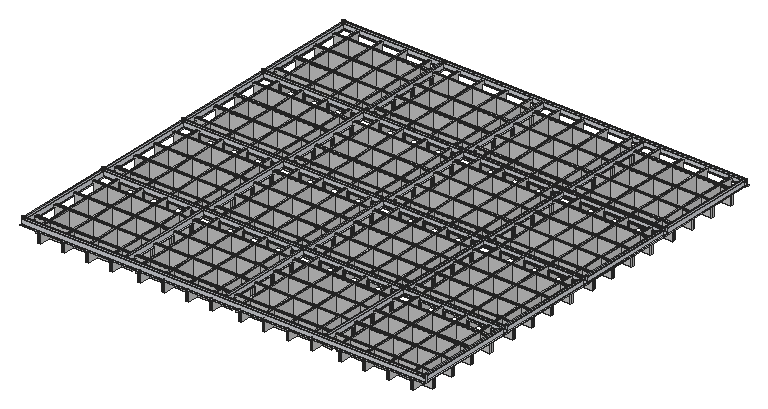
Revit family "GRD-WFL-001_RFA", category Modelos genéricos, Revit 2022 (continued)
Forms (in)
  Extrusion 333, solid, not visible
    sketch origin (11.61662, 0.00149, -1.20924) x (0, 1, 0) y (0, 0, -1)
      loop
        line (0.96881, 1.14538) -> (0.96881, -1.85462) -> (0.65631, -1.85462) -> (0.65631, -2.35462) -> (0.96881, -2.35462) -> (3.48948, -2.35462) -> (3.48948, -0.60462) -> (4.19814, -0.60462) -> (4.19814, -2.35462) -> (9.23948, -2.35462) -> (9.23948, -0.60462) -> (9.94814, -0.60462) -> (9.94814, -2.35462) -> (14.98948, -2.35462) -> (14.98948, -0.60462) -> (15.69814, -0.60462) -> (15.69814, -2.35462) -> (20.73948, -2.35462) -> (20.73948, -0.60462) -> (21.44814, -0.60462) -> (21.44814, -2.35462) -> (24.28131, -2.35462) -> (24.28131, -1.85462) -> (23.96881, -1.85462) -> (23.96881, 1.14538) -> (0.96881, 1.14538)
    from -3.96341 to -3.49097
  Extrusion 334, solid, not visible
    sketch origin (17.36662, 0.00149, -1.20924) x (0, 1, 0) y (0, 0, -1)
      loop
        line (0.96881, 1.14538) -> (0.96881, -1.85462) -> (0.65631, -1.85462) -> (0.65631, -2.35462) -> (0.96881, -2.35462) -> (3.48948, -2.35462) -> (3.48948, -0.60462) -> (4.19814, -0.60462) -> (4.19814, -2.35462) -> (9.23948, -2.35462) -> (9.23948, -0.60462) -> (9.94814, -0.60462) -> (9.94814, -2.35462) -> (14.98948, -2.35462) -> (14.98948, -0.60462) -> (15.69814, -0.60462) -> (15.69814, -2.35462) -> (20.73948, -2.35462) -> (20.73948, -0.60462) -> (21.44814, -0.60462) -> (21.44814, -2.35462) -> (24.28131, -2.35462) -> (24.28131, -1.85462) -> (23.96881, -1.85462) -> (23.96881, 1.14538) -> (0.96881, 1.14538)
    from -3.96341 to -3.49097
  Extrusion 335, solid
    sketch origin (24.00217, 0, 0) x (1, 0, 0) y (0, 0, 1)
      loop
        line (0.96881, 0.64538) -> (0.96881, -2.35462) -> (3.48948, -2.35462) -> (3.48948, -0.60462) -> (4.19814, -0.60462) -> (4.19814, -2.35462) -> (9.23948, -2.35462) -> (9.23948, -0.60462) -> (9.94814, -0.60462) -> (9.94814, -2.35462) -> (14.98948, -2.35462) -> (14.98948, -0.60462) -> (15.69814, -0.60462) -> (15.69814, -2.35462) -> (20.73948, -2.35462) -> (20.73948, -0.60462) -> (21.44814, -0.60462) -> (21.44814, -2.35462) -> (23.96881, -2.35462) -> (23.96881, 0.64538) -> (24.28131, 0.64538) -> (24.28131, 1.14538) -> (0.65631, 1.14538) -> (0.65631, 0.64538) -> (0.96881, 0.64538)
    from -3.60908 to -3.49097
  Extrusion 336, solid
    sketch origin (24.00217, 0, 0) x (1, 0, 0) y (0, 0, 1)
      loop
        line (0.96881, 0.64538) -> (0.96881, -2.35462) -> (3.48948, -2.35462) -> (3.48948, -0.60462) -> (4.19814, -0.60462) -> (4.19814, -2.35462) -> (9.23948, -2.35462) -> (9.23948, -0.60462) -> (9.94814, -0.60462) -> (9.94814, -2.35462) -> (14.98948, -2.35462) -> (14.98948, -0.60462) -> (15.69814, -0.60462) -> (15.69814, -2.35462) -> (20.73948, -2.35462) -> (20.73948, -0.60462) -> (21.44814, -0.60462) -> (21.44814, -2.35462) -> (23.96881, -2.35462) -> (23.96881, 0.64538) -> (24.28131, 0.64538) -> (24.28131, 1.14538) -> (0.65631, 1.14538) -> (0.65631, 0.64538) -> (0.96881, 0.64538)
    from -4.08152 to -3.60908
  Extrusion 337, solid
    sketch origin (24.00217, 0, 0) x (1, 0, 0) y (0, 0, 1)
      loop
        line (0.96881, 0.64538) -> (0.96881, -2.35462) -> (3.48948, -2.35462) -> (3.48948, -0.60462) -> (4.19814, -0.60462) -> (4.19814, -2.35462) -> (9.23948, -2.35462) -> (9.23948, -0.60462) -> (9.94814, -0.60462) -> (9.94814, -2.35462) -> (14.98948, -2.35462) -> (14.98948, -0.60462) -> (15.69814, -0.60462) -> (15.69814, -2.35462) -> (20.73948, -2.35462) -> (20.73948, -0.60462) -> (21.44814, -0.60462) -> (21.44814, -2.35462) -> (23.96881, -2.35462) -> (23.96881, 0.64538) -> (24.28131, 0.64538) -> (24.28131, 1.14538) -> (0.65631, 1.14538) -> (0.65631, 0.64538) -> (0.96881, 0.64538)
    from -4.19963 to -4.08152
  Extrusion 338, solid
    sketch origin (24.00068, 0.00149, -1.20924) x (0, 1, 0) y (0, 0, -1)
      loop
        line (0.96881, 1.14538) -> (0.96881, -1.85462) -> (0.65631, -1.85462) -> (0.65631, -2.35462) -> (0.96881, -2.35462) -> (3.48948, -2.35462) -> (3.48948, -0.60462) -> (4.19814, -0.60462) -> (4.19814, -2.35462) -> (9.23948, -2.35462) -> (9.23948, -0.60462) -> (9.94814, -0.60462) -> (9.94814, -2.35462) -> (14.98948, -2.35462) -> (14.98948, -0.60462) -> (15.69814, -0.60462) -> (15.69814, -2.35462) -> (20.73948, -2.35462) -> (20.73948, -0.60462) -> (21.44814, -0.60462) -> (21.44814, -2.35462) -> (24.28131, -2.35462) -> (24.28131, -1.85462) -> (23.96881, -1.85462) -> (23.96881, 1.14538) -> (0.96881, 1.14538)
    from -3.60908 to -3.49097
  Extrusion 339, solid
    sketch origin (24.11879, 0.00149, -1.20924) x (0, 1, 0) y (0, 0, -1)
      loop
        line (0.96881, 1.14538) -> (0.96881, -1.85462) -> (0.65631, -1.85462) -> (0.65631, -2.35462) -> (0.96881, -2.35462) -> (3.48948, -2.35462) -> (3.48948, -0.60462) -> (4.19814, -0.60462) -> (4.19814, -2.35462) -> (9.23948, -2.35462) -> (9.23948, -0.60462) -> (9.94814, -0.60462) -> (9.94814, -2.35462) -> (14.98948, -2.35462) -> (14.98948, -0.60462) -> (15.69814, -0.60462) -> (15.69814, -2.35462) -> (20.73948, -2.35462) -> (20.73948, -0.60462) -> (21.44814, -0.60462) -> (21.44814, -2.35462) -> (24.28131, -2.35462) -> (24.28131, -1.85462) -> (23.96881, -1.85462) -> (23.96881, 1.14538) -> (0.96881, 1.14538)
    from -3.96341 to -3.49097
  Extrusion 340, solid
    sketch origin (24.00068, 0.00149, -1.20924) x (0, 1, 0) y (0, 0, -1)
      loop
        line (0.96881, 1.14538) -> (0.96881, -1.85462) -> (0.65631, -1.85462) -> (0.65631, -2.35462) -> (0.96881, -2.35462) -> (3.48948, -2.35462) -> (3.48948, -0.60462) -> (4.19814, -0.60462) -> (4.19814, -2.35462) -> (9.23948, -2.35462) -> (9.23948, -0.60462) -> (9.94814, -0.60462) -> (9.94814, -2.35462) -> (14.98948, -2.35462) -> (14.98948, -0.60462) -> (15.69814, -0.60462) -> (15.69814, -2.35462) -> (20.73948, -2.35462) -> (20.73948, -0.60462) -> (21.44814, -0.60462) -> (21.44814, -2.35462) -> (24.28131, -2.35462) -> (24.28131, -1.85462) -> (23.96881, -1.85462) -> (23.96881, 1.14538) -> (0.96881, 1.14538)
    from -4.19963 to -4.08152
  Extrusion 341, solid
    sketch origin (24.00217, 0, 0) x (1, 0, 0) y (0, 0, 1)
      loop
        line (0.96881, 0.64538) -> (0.96881, -2.35462) -> (3.48948, -2.35462) -> (3.48948, -0.60462) -> (4.19814, -0.60462) -> (4.19814, -2.35462) -> (9.23948, -2.35462) -> (9.23948, -0.60462) -> (9.94814, -0.60462) -> (9.94814, -2.35462) -> (14.98948, -2.35462) -> (14.98948, -0.60462) -> (15.69814, -0.60462) -> (15.69814, -2.35462) -> (20.73948, -2.35462) -> (20.73948, -0.60462) -> (21.44814, -0.60462) -> (21.44814, -2.35462) -> (23.96881, -2.35462) -> (23.96881, 0.64538) -> (24.28131, 0.64538) -> (24.28131, 1.14538) -> (0.65631, 1.14538) -> (0.65631, 0.64538) -> (0.96881, 0.64538)
    from -9.94963 to -9.83152
  Extrusion 342, solid
    sketch origin (24.00217, 0, 0) x (1, 0, 0) y (0, 0, 1)
      loop
        line (0.96881, 0.64538) -> (0.96881, -2.35462) -> (3.48948, -2.35462) -> (3.48948, -0.60462) -> (4.19814, -0.60462) -> (4.19814, -2.35462) -> (9.23948, -2.35462) -> (9.23948, -0.60462) -> (9.94814, -0.60462) -> (9.94814, -2.35462) -> (14.98948, -2.35462) -> (14.98948, -0.60462) -> (15.69814, -0.60462) -> (15.69814, -2.35462) -> (20.73948, -2.35462) -> (20.73948, -0.60462) -> (21.44814, -0.60462) -> (21.44814, -2.35462) -> (23.96881, -2.35462) -> (23.96881, 0.64538) -> (24.28131, 0.64538) -> (24.28131, 1.14538) -> (0.65631, 1.14538) -> (0.65631, 0.64538) -> (0.96881, 0.64538)
    from -9.35908 to -9.24097
  Extrusion 343, solid
    sketch origin (24.00217, 0, 0) x (1, 0, 0) y (0, 0, 1)
      loop
        line (0.96881, 0.64538) -> (0.96881, -2.35462) -> (3.48948, -2.35462) -> (3.48948, -0.60462) -> (4.19814, -0.60462) -> (4.19814, -2.35462) -> (9.23948, -2.35462) -> (9.23948, -0.60462) -> (9.94814, -0.60462) -> (9.94814, -2.35462) -> (14.98948, -2.35462) -> (14.98948, -0.60462) -> (15.69814, -0.60462) -> (15.69814, -2.35462) -> (20.73948, -2.35462) -> (20.73948, -0.60462) -> (21.44814, -0.60462) -> (21.44814, -2.35462) -> (23.96881, -2.35462) -> (23.96881, 0.64538) -> (24.28131, 0.64538) -> (24.28131, 1.14538) -> (0.65631, 1.14538) -> (0.65631, 0.64538) -> (0.96881, 0.64538)
    from -9.83152 to -9.35908
  Extrusion 344, solid
    sketch origin (24.00217, 0, 0) x (1, 0, 0) y (0, 0, 1)
      loop
        line (0.96881, 0.64538) -> (0.96881, -2.35462) -> (3.48948, -2.35462) -> (3.48948, -0.60462) -> (4.19814, -0.60462) -> (4.19814, -2.35462) -> (9.23948, -2.35462) -> (9.23948, -0.60462) -> (9.94814, -0.60462) -> (9.94814, -2.35462) -> (14.98948, -2.35462) -> (14.98948, -0.60462) -> (15.69814, -0.60462) -> (15.69814, -2.35462) -> (20.73948, -2.35462) -> (20.73948, -0.60462) -> (21.44814, -0.60462) -> (21.44814, -2.35462) -> (23.96881, -2.35462) -> (23.96881, 0.64538) -> (24.28131, 0.64538) -> (24.28131, 1.14538) -> (0.65631, 1.14538) -> (0.65631, 0.64538) -> (0.96881, 0.64538)
    from -15.69963 to -15.58152
  Extrusion 345, solid
    sketch origin (24.00217, 0, 0) x (1, 0, 0) y (0, 0, 1)
      loop
        line (0.96881, 0.64538) -> (0.96881, -2.35462) -> (3.48948, -2.35462) -> (3.48948, -0.60462) -> (4.19814, -0.60462) -> (4.19814, -2.35462) -> (9.23948, -2.35462) -> (9.23948, -0.60462) -> (9.94814, -0.60462) -> (9.94814, -2.35462) -> (14.98948, -2.35462) -> (14.98948, -0.60462) -> (15.69814, -0.60462) -> (15.69814, -2.35462) -> (20.73948, -2.35462) -> (20.73948, -0.60462) -> (21.44814, -0.60462) -> (21.44814, -2.35462) -> (23.96881, -2.35462) -> (23.96881, 0.64538) -> (24.28131, 0.64538) -> (24.28131, 1.14538) -> (0.65631, 1.14538) -> (0.65631, 0.64538) -> (0.96881, 0.64538)
    from -15.10908 to -14.99097
  Extrusion 346, solid
    sketch origin (24.00217, 0, 0) x (1, 0, 0) y (0, 0, 1)
      loop
        line (0.96881, 0.64538) -> (0.96881, -2.35462) -> (3.48948, -2.35462) -> (3.48948, -0.60462) -> (4.19814, -0.60462) -> (4.19814, -2.35462) -> (9.23948, -2.35462) -> (9.23948, -0.60462) -> (9.94814, -0.60462) -> (9.94814, -2.35462) -> (14.98948, -2.35462) -> (14.98948, -0.60462) -> (15.69814, -0.60462) -> (15.69814, -2.35462) -> (20.73948, -2.35462) -> (20.73948, -0.60462) -> (21.44814, -0.60462) -> (21.44814, -2.35462) -> (23.96881, -2.35462) -> (23.96881, 0.64538) -> (24.28131, 0.64538) -> (24.28131, 1.14538) -> (0.65631, 1.14538) -> (0.65631, 0.64538) -> (0.96881, 0.64538)
    from -15.58152 to -15.10908
  Extrusion 347, solid
    sketch origin (24.00217, 0, 0) x (1, 0, 0) y (0, 0, 1)
      loop
        line (0.96881, 0.64538) -> (0.96881, -2.35462) -> (3.48948, -2.35462) -> (3.48948, -0.60462) -> (4.19814, -0.60462) -> (4.19814, -2.35462) -> (9.23948, -2.35462) -> (9.23948, -0.60462) -> (9.94814, -0.60462) -> (9.94814, -2.35462) -> (14.98948, -2.35462) -> (14.98948, -0.60462) -> (15.69814, -0.60462) -> (15.69814, -2.35462) -> (20.73948, -2.35462) -> (20.73948, -0.60462) -> (21.44814, -0.60462) -> (21.44814, -2.35462) -> (23.96881, -2.35462) -> (23.96881, 0.64538) -> (24.28131, 0.64538) -> (24.28131, 1.14538) -> (0.65631, 1.14538) -> (0.65631, 0.64538) -> (0.96881, 0.64538)
    from -21.44963 to -21.33152
  Extrusion 348, solid
    sketch origin (24.00217, 0, 0) x (1, 0, 0) y (0, 0, 1)
      loop
        line (0.96881, 0.64538) -> (0.96881, -2.35462) -> (3.48948, -2.35462) -> (3.48948, -0.60462) -> (4.19814, -0.60462) -> (4.19814, -2.35462) -> (9.23948, -2.35462) -> (9.23948, -0.60462) -> (9.94814, -0.60462) -> (9.94814, -2.35462) -> (14.98948, -2.35462) -> (14.98948, -0.60462) -> (15.69814, -0.60462) -> (15.69814, -2.35462) -> (20.73948, -2.35462) -> (20.73948, -0.60462) -> (21.44814, -0.60462) -> (21.44814, -2.35462) -> (23.96881, -2.35462) -> (23.96881, 0.64538) -> (24.28131, 0.64538) -> (24.28131, 1.14538) -> (0.65631, 1.14538) -> (0.65631, 0.64538) -> (0.96881, 0.64538)
    from -20.85908 to -20.74097
  Extrusion 349, solid
    sketch origin (24.00217, 0, 0) x (1, 0, 0) y (0, 0, 1)
      loop
        line (0.96881, 0.64538) -> (0.96881, -2.35462) -> (3.48948, -2.35462) -> (3.48948, -0.60462) -> (4.19814, -0.60462) -> (4.19814, -2.35462) -> (9.23948, -2.35462) -> (9.23948, -0.60462) -> (9.94814, -0.60462) -> (9.94814, -2.35462) -> (14.98948, -2.35462) -> (14.98948, -0.60462) -> (15.69814, -0.60462) -> (15.69814, -2.35462) -> (20.73948, -2.35462) -> (20.73948, -0.60462) -> (21.44814, -0.60462) -> (21.44814, -2.35462) -> (23.96881, -2.35462) -> (23.96881, 0.64538) -> (24.28131, 0.64538) -> (24.28131, 1.14538) -> (0.65631, 1.14538) -> (0.65631, 0.64538) -> (0.96881, 0.64538)
    from -21.33152 to -20.85908
  Extrusion 350, solid
    sketch origin (29.75068, 0.00149, -1.20924) x (0, 1, 0) y (0, 0, -1)
      loop
        line (0.96881, 1.14538) -> (0.96881, -1.85462) -> (0.65631, -1.85462) -> (0.65631, -2.35462) -> (0.96881, -2.35462) -> (3.48948, -2.35462) -> (3.48948, -0.60462) -> (4.19814, -0.60462) -> (4.19814, -2.35462) -> (9.23948, -2.35462) -> (9.23948, -0.60462) -> (9.94814, -0.60462) -> (9.94814, -2.35462) -> (14.98948, -2.35462) -> (14.98948, -0.60462) -> (15.69814, -0.60462) -> (15.69814, -2.35462) -> (20.73948, -2.35462) -> (20.73948, -0.60462) -> (21.44814, -0.60462) -> (21.44814, -2.35462) -> (24.28131, -2.35462) -> (24.28131, -1.85462) -> (23.96881, -1.85462) -> (23.96881, 1.14538) -> (0.96881, 1.14538)
    from -4.19963 to -4.08152
  Extrusion 351, solid
    sketch origin (29.16013, 0.00149, -1.20924) x (0, 1, 0) y (0, 0, -1)
      loop
        line (0.96881, 1.14538) -> (0.96881, -1.85462) -> (0.65631, -1.85462) -> (0.65631, -2.35462) -> (0.96881, -2.35462) -> (3.48948, -2.35462) -> (3.48948, -0.60462) -> (4.19814, -0.60462) -> (4.19814, -2.35462) -> (9.23948, -2.35462) -> (9.23948, -0.60462) -> (9.94814, -0.60462) -> (9.94814, -2.35462) -> (14.98948, -2.35462) -> (14.98948, -0.60462) -> (15.69814, -0.60462) -> (15.69814, -2.35462) -> (20.73948, -2.35462) -> (20.73948, -0.60462) -> (21.44814, -0.60462) -> (21.44814, -2.35462) -> (24.28131, -2.35462) -> (24.28131, -1.85462) -> (23.96881, -1.85462) -> (23.96881, 1.14538) -> (0.96881, 1.14538)
    from -4.19963 to -4.08152
  Extrusion 352, solid
    sketch origin (35.50068, 0.00149, -1.20924) x (0, 1, 0) y (0, 0, -1)
      loop
        line (0.96881, 1.14538) -> (0.96881, -1.85462) -> (0.65631, -1.85462) -> (0.65631, -2.35462) -> (0.96881, -2.35462) -> (3.48948, -2.35462) -> (3.48948, -0.60462) -> (4.19814, -0.60462) -> (4.19814, -2.35462) -> (9.23948, -2.35462) -> (9.23948, -0.60462) -> (9.94814, -0.60462) -> (9.94814, -2.35462) -> (14.98948, -2.35462) -> (14.98948, -0.60462) -> (15.69814, -0.60462) -> (15.69814, -2.35462) -> (20.73948, -2.35462) -> (20.73948, -0.60462) -> (21.44814, -0.60462) -> (21.44814, -2.35462) -> (24.28131, -2.35462) -> (24.28131, -1.85462) -> (23.96881, -1.85462) -> (23.96881, 1.14538) -> (0.96881, 1.14538)
    from -4.19963 to -4.08152
  Extrusion 353, solid
    sketch origin (34.91013, 0.00149, -1.20924) x (0, 1, 0) y (0, 0, -1)
      loop
        line (0.96881, 1.14538) -> (0.96881, -1.85462) -> (0.65631, -1.85462) -> (0.65631, -2.35462) -> (0.96881, -2.35462) -> (3.48948, -2.35462) -> (3.48948, -0.60462) -> (4.19814, -0.60462) -> (4.19814, -2.35462) -> (9.23948, -2.35462) -> (9.23948, -0.60462) -> (9.94814, -0.60462) -> (9.94814, -2.35462) -> (14.98948, -2.35462) -> (14.98948, -0.60462) -> (15.69814, -0.60462) -> (15.69814, -2.35462) -> (20.73948, -2.35462) -> (20.73948, -0.60462) -> (21.44814, -0.60462) -> (21.44814, -2.35462) -> (24.28131, -2.35462) -> (24.28131, -1.85462) -> (23.96881, -1.85462) -> (23.96881, 1.14538) -> (0.96881, 1.14538)
    from -4.19963 to -4.08152
  Extrusion 354, solid
    sketch origin (40.66013, 0.00149, -1.20924) x (0, 1, 0) y (0, 0, -1)
      loop
        line (0.96881, 1.14538) -> (0.96881, -1.85462) -> (0.65631, -1.85462) -> (0.65631, -2.35462) -> (0.96881, -2.35462) -> (3.48948, -2.35462) -> (3.48948, -0.60462) -> (4.19814, -0.60462) -> (4.19814, -2.35462) -> (9.23948, -2.35462) -> (9.23948, -0.60462) -> (9.94814, -0.60462) -> (9.94814, -2.35462) -> (14.98948, -2.35462) -> (14.98948, -0.60462) -> (15.69814, -0.60462) -> (15.69814, -2.35462) -> (20.73948, -2.35462) -> (20.73948, -0.60462) -> (21.44814, -0.60462) -> (21.44814, -2.35462) -> (24.28131, -2.35462) -> (24.28131, -1.85462) -> (23.96881, -1.85462) -> (23.96881, 1.14538) -> (0.96881, 1.14538)
    from -4.19963 to -4.08152
  Extrusion 355, solid
    sketch origin (41.25068, 0.00149, -1.20924) x (0, 1, 0) y (0, 0, -1)
      loop
        line (0.96881, 1.14538) -> (0.96881, -1.85462) -> (0.65631, -1.85462) -> (0.65631, -2.35462) -> (0.96881, -2.35462) -> (3.48948, -2.35462) -> (3.48948, -0.60462) -> (4.19814, -0.60462) -> (4.19814, -2.35462) -> (9.23948, -2.35462) -> (9.23948, -0.60462) -> (9.94814, -0.60462) -> (9.94814, -2.35462) -> (14.98948, -2.35462) -> (14.98948, -0.60462) -> (15.69814, -0.60462) -> (15.69814, -2.35462) -> (20.73948, -2.35462) -> (20.73948, -0.60462) -> (21.44814, -0.60462) -> (21.44814, -2.35462) -> (24.28131, -2.35462) -> (24.28131, -1.85462) -> (23.96881, -1.85462) -> (23.96881, 1.14538) -> (0.96881, 1.14538)
    from -4.19963 to -4.08152
  Extrusion 356, solid
    sketch origin (29.86879, 0.00149, -1.20924) x (0, 1, 0) y (0, 0, -1)
      loop
        line (0.96881, 1.14538) -> (0.96881, -1.85462) -> (0.65631, -1.85462) -> (0.65631, -2.35462) -> (0.96881, -2.35462) -> (3.48948, -2.35462) -> (3.48948, -0.60462) -> (4.19814, -0.60462) -> (4.19814, -2.35462) -> (9.23948, -2.35462) -> (9.23948, -0.60462) -> (9.94814, -0.60462) -> (9.94814, -2.35462) -> (14.98948, -2.35462) -> (14.98948, -0.60462) -> (15.69814, -0.60462) -> (15.69814, -2.35462) -> (20.73948, -2.35462) -> (20.73948, -0.60462) -> (21.44814, -0.60462) -> (21.44814, -2.35462) -> (24.28131, -2.35462) -> (24.28131, -1.85462) -> (23.96881, -1.85462) -> (23.96881, 1.14538) -> (0.96881, 1.14538)
    from -3.96341 to -3.49097
  Extrusion 357, solid
    sketch origin (35.61879, 0.00149, -1.20924) x (0, 1, 0) y (0, 0, -1)
      loop
        line (0.96881, 1.14538) -> (0.96881, -1.85462) -> (0.65631, -1.85462) -> (0.65631, -2.35462) -> (0.96881, -2.35462) -> (3.48948, -2.35462) -> (3.48948, -0.60462) -> (4.19814, -0.60462) -> (4.19814, -2.35462) -> (9.23948, -2.35462) -> (9.23948, -0.60462) -> (9.94814, -0.60462) -> (9.94814, -2.35462) -> (14.98948, -2.35462) -> (14.98948, -0.60462) -> (15.69814, -0.60462) -> (15.69814, -2.35462) -> (20.73948, -2.35462) -> (20.73948, -0.60462) -> (21.44814, -0.60462) -> (21.44814, -2.35462) -> (24.28131, -2.35462) -> (24.28131, -1.85462) -> (23.96881, -1.85462) -> (23.96881, 1.14538) -> (0.96881, 1.14538)
    from -3.96341 to -3.49097
  Extrusion 358, solid
    sketch origin (41.36879, 0.00149, -1.20924) x (0, 1, 0) y (0, 0, -1)
      loop
        line (0.96881, 1.14538) -> (0.96881, -1.85462) -> (0.65631, -1.85462) -> (0.65631, -2.35462) -> (0.96881, -2.35462) -> (3.48948, -2.35462) -> (3.48948, -0.60462) -> (4.19814, -0.60462) -> (4.19814, -2.35462) -> (9.23948, -2.35462) -> (9.23948, -0.60462) -> (9.94814, -0.60462) -> (9.94814, -2.35462) -> (14.98948, -2.35462) -> (14.98948, -0.60462) -> (15.69814, -0.60462) -> (15.69814, -2.35462) -> (20.73948, -2.35462) -> (20.73948, -0.60462) -> (21.44814, -0.60462) -> (21.44814, -2.35462) -> (24.28131, -2.35462) -> (24.28131, -1.85462) -> (23.96881, -1.85462) -> (23.96881, 1.14538) -> (0.96881, 1.14538)
    from -3.96341 to -3.49097
  Extrusion 359, solid
    sketch origin (48.00217, 0, 0) x (1, 0, 0) y (0, 0, 1)
      loop
        line (0.96881, 0.64538) -> (0.96881, -2.35462) -> (3.48948, -2.35462) -> (3.48948, -0.60462) -> (4.19814, -0.60462) -> (4.19814, -2.35462) -> (9.23948, -2.35462) -> (9.23948, -0.60462) -> (9.94814, -0.60462) -> (9.94814, -2.35462) -> (14.98948, -2.35462) -> (14.98948, -0.60462) -> (15.69814, -0.60462) -> (15.69814, -2.35462) -> (20.73948, -2.35462) -> (20.73948, -0.60462) -> (21.44814, -0.60462) -> (21.44814, -2.35462) -> (23.96881, -2.35462) -> (23.96881, 0.64538) -> (24.28131, 0.64538) -> (24.28131, 1.14538) -> (0.65631, 1.14538) -> (0.65631, 0.64538) -> (0.96881, 0.64538)
    from -3.60908 to -3.49097
  Extrusion 360, solid
    sketch origin (48.00217, 0, 0) x (1, 0, 0) y (0, 0, 1)
      loop
        line (0.96881, 0.64538) -> (0.96881, -2.35462) -> (3.48948, -2.35462) -> (3.48948, -0.60462) -> (4.19814, -0.60462) -> (4.19814, -2.35462) -> (9.23948, -2.35462) -> (9.23948, -0.60462) -> (9.94814, -0.60462) -> (9.94814, -2.35462) -> (14.98948, -2.35462) -> (14.98948, -0.60462) -> (15.69814, -0.60462) -> (15.69814, -2.35462) -> (20.73948, -2.35462) -> (20.73948, -0.60462) -> (21.44814, -0.60462) -> (21.44814, -2.35462) -> (23.96881, -2.35462) -> (23.96881, 0.64538) -> (24.28131, 0.64538) -> (24.28131, 1.14538) -> (0.65631, 1.14538) -> (0.65631, 0.64538) -> (0.96881, 0.64538)
    from -4.08152 to -3.60908
  Extrusion 361, solid
    sketch origin (48.00217, 0, 0) x (1, 0, 0) y (0, 0, 1)
      loop
        line (0.96881, 0.64538) -> (0.96881, -2.35462) -> (3.48948, -2.35462) -> (3.48948, -0.60462) -> (4.19814, -0.60462) -> (4.19814, -2.35462) -> (9.23948, -2.35462) -> (9.23948, -0.60462) -> (9.94814, -0.60462) -> (9.94814, -2.35462) -> (14.98948, -2.35462) -> (14.98948, -0.60462) -> (15.69814, -0.60462) -> (15.69814, -2.35462) -> (20.73948, -2.35462) -> (20.73948, -0.60462) -> (21.44814, -0.60462) -> (21.44814, -2.35462) -> (23.96881, -2.35462) -> (23.96881, 0.64538) -> (24.28131, 0.64538) -> (24.28131, 1.14538) -> (0.65631, 1.14538) -> (0.65631, 0.64538) -> (0.96881, 0.64538)
    from -4.19963 to -4.08152
  Extrusion 362, solid
    sketch origin (48.00068, 0.00149, -1.20924) x (0, 1, 0) y (0, 0, -1)
      loop
        line (0.96881, 1.14538) -> (0.96881, -1.85462) -> (0.65631, -1.85462) -> (0.65631, -2.35462) -> (0.96881, -2.35462) -> (3.48948, -2.35462) -> (3.48948, -0.60462) -> (4.19814, -0.60462) -> (4.19814, -2.35462) -> (9.23948, -2.35462) -> (9.23948, -0.60462) -> (9.94814, -0.60462) -> (9.94814, -2.35462) -> (14.98948, -2.35462) -> (14.98948, -0.60462) -> (15.69814, -0.60462) -> (15.69814, -2.35462) -> (20.73948, -2.35462) -> (20.73948, -0.60462) -> (21.44814, -0.60462) -> (21.44814, -2.35462) -> (24.28131, -2.35462) -> (24.28131, -1.85462) -> (23.96881, -1.85462) -> (23.96881, 1.14538) -> (0.96881, 1.14538)
    from -3.60908 to -3.49097
  Extrusion 363, solid
    sketch origin (48.11879, 0.00149, -1.20924) x (0, 1, 0) y (0, 0, -1)
      loop
        line (0.96881, 1.14538) -> (0.96881, -1.85462) -> (0.65631, -1.85462) -> (0.65631, -2.35462) -> (0.96881, -2.35462) -> (3.48948, -2.35462) -> (3.48948, -0.60462) -> (4.19814, -0.60462) -> (4.19814, -2.35462) -> (9.23948, -2.35462) -> (9.23948, -0.60462) -> (9.94814, -0.60462) -> (9.94814, -2.35462) -> (14.98948, -2.35462) -> (14.98948, -0.60462) -> (15.69814, -0.60462) -> (15.69814, -2.35462) -> (20.73948, -2.35462) -> (20.73948, -0.60462) -> (21.44814, -0.60462) -> (21.44814, -2.35462) -> (24.28131, -2.35462) -> (24.28131, -1.85462) -> (23.96881, -1.85462) -> (23.96881, 1.14538) -> (0.96881, 1.14538)
    from -3.96341 to -3.49097
  Extrusion 364, solid
    sketch origin (48.00068, 0.00149, -1.20924) x (0, 1, 0) y (0, 0, -1)
      loop
        line (0.96881, 1.14538) -> (0.96881, -1.85462) -> (0.65631, -1.85462) -> (0.65631, -2.35462) -> (0.96881, -2.35462) -> (3.48948, -2.35462) -> (3.48948, -0.60462) -> (4.19814, -0.60462) -> (4.19814, -2.35462) -> (9.23948, -2.35462) -> (9.23948, -0.60462) -> (9.94814, -0.60462) -> (9.94814, -2.35462) -> (14.98948, -2.35462) -> (14.98948, -0.60462) -> (15.69814, -0.60462) -> (15.69814, -2.35462) -> (20.73948, -2.35462) -> (20.73948, -0.60462) -> (21.44814, -0.60462) -> (21.44814, -2.35462) -> (24.28131, -2.35462) -> (24.28131, -1.85462) -> (23.96881, -1.85462) -> (23.96881, 1.14538) -> (0.96881, 1.14538)
    from -4.19963 to -4.08152
  Extrusion 365, solid
    sketch origin (48.00217, 0, 0) x (1, 0, 0) y (0, 0, 1)
      loop
        line (0.96881, 0.64538) -> (0.96881, -2.35462) -> (3.48948, -2.35462) -> (3.48948, -0.60462) -> (4.19814, -0.60462) -> (4.19814, -2.35462) -> (9.23948, -2.35462) -> (9.23948, -0.60462) -> (9.94814, -0.60462) -> (9.94814, -2.35462) -> (14.98948, -2.35462) -> (14.98948, -0.60462) -> (15.69814, -0.60462) -> (15.69814, -2.35462) -> (20.73948, -2.35462) -> (20.73948, -0.60462) -> (21.44814, -0.60462) -> (21.44814, -2.35462) -> (23.96881, -2.35462) -> (23.96881, 0.64538) -> (24.28131, 0.64538) -> (24.28131, 1.14538) -> (0.65631, 1.14538) -> (0.65631, 0.64538) -> (0.96881, 0.64538)
    from -9.94963 to -9.83152
  Extrusion 366, solid
    sketch origin (48.00217, 0, 0) x (1, 0, 0) y (0, 0, 1)
      loop
        line (0.96881, 0.64538) -> (0.96881, -2.35462) -> (3.48948, -2.35462) -> (3.48948, -0.60462) -> (4.19814, -0.60462) -> (4.19814, -2.35462) -> (9.23948, -2.35462) -> (9.23948, -0.60462) -> (9.94814, -0.60462) -> (9.94814, -2.35462) -> (14.98948, -2.35462) -> (14.98948, -0.60462) -> (15.69814, -0.60462) -> (15.69814, -2.35462) -> (20.73948, -2.35462) -> (20.73948, -0.60462) -> (21.44814, -0.60462) -> (21.44814, -2.35462) -> (23.96881, -2.35462) -> (23.96881, 0.64538) -> (24.28131, 0.64538) -> (24.28131, 1.14538) -> (0.65631, 1.14538) -> (0.65631, 0.64538) -> (0.96881, 0.64538)
    from -9.35908 to -9.24097
  Extrusion 367, solid
    sketch origin (48.00217, 0, 0) x (1, 0, 0) y (0, 0, 1)
      loop
        line (0.96881, 0.64538) -> (0.96881, -2.35462) -> (3.48948, -2.35462) -> (3.48948, -0.60462) -> (4.19814, -0.60462) -> (4.19814, -2.35462) -> (9.23948, -2.35462) -> (9.23948, -0.60462) -> (9.94814, -0.60462) -> (9.94814, -2.35462) -> (14.98948, -2.35462) -> (14.98948, -0.60462) -> (15.69814, -0.60462) -> (15.69814, -2.35462) -> (20.73948, -2.35462) -> (20.73948, -0.60462) -> (21.44814, -0.60462) -> (21.44814, -2.35462) -> (23.96881, -2.35462) -> (23.96881, 0.64538) -> (24.28131, 0.64538) -> (24.28131, 1.14538) -> (0.65631, 1.14538) -> (0.65631, 0.64538) -> (0.96881, 0.64538)
    from -9.83152 to -9.35908
  Extrusion 368, solid
    sketch origin (48.00217, 0, 0) x (1, 0, 0) y (0, 0, 1)
      loop
        line (0.96881, 0.64538) -> (0.96881, -2.35462) -> (3.48948, -2.35462) -> (3.48948, -0.60462) -> (4.19814, -0.60462) -> (4.19814, -2.35462) -> (9.23948, -2.35462) -> (9.23948, -0.60462) -> (9.94814, -0.60462) -> (9.94814, -2.35462) -> (14.98948, -2.35462) -> (14.98948, -0.60462) -> (15.69814, -0.60462) -> (15.69814, -2.35462) -> (20.73948, -2.35462) -> (20.73948, -0.60462) -> (21.44814, -0.60462) -> (21.44814, -2.35462) -> (23.96881, -2.35462) -> (23.96881, 0.64538) -> (24.28131, 0.64538) -> (24.28131, 1.14538) -> (0.65631, 1.14538) -> (0.65631, 0.64538) -> (0.96881, 0.64538)
    from -15.69963 to -15.58152
  Extrusion 369, solid
    sketch origin (48.00217, 0, 0) x (1, 0, 0) y (0, 0, 1)
      loop
        line (0.96881, 0.64538) -> (0.96881, -2.35462) -> (3.48948, -2.35462) -> (3.48948, -0.60462) -> (4.19814, -0.60462) -> (4.19814, -2.35462) -> (9.23948, -2.35462) -> (9.23948, -0.60462) -> (9.94814, -0.60462) -> (9.94814, -2.35462) -> (14.98948, -2.35462) -> (14.98948, -0.60462) -> (15.69814, -0.60462) -> (15.69814, -2.35462) -> (20.73948, -2.35462) -> (20.73948, -0.60462) -> (21.44814, -0.60462) -> (21.44814, -2.35462) -> (23.96881, -2.35462) -> (23.96881, 0.64538) -> (24.28131, 0.64538) -> (24.28131, 1.14538) -> (0.65631, 1.14538) -> (0.65631, 0.64538) -> (0.96881, 0.64538)
    from -15.10908 to -14.99097
  Extrusion 370, solid
    sketch origin (48.00217, 0, 0) x (1, 0, 0) y (0, 0, 1)
      loop
        line (0.96881, 0.64538) -> (0.96881, -2.35462) -> (3.48948, -2.35462) -> (3.48948, -0.60462) -> (4.19814, -0.60462) -> (4.19814, -2.35462) -> (9.23948, -2.35462) -> (9.23948, -0.60462) -> (9.94814, -0.60462) -> (9.94814, -2.35462) -> (14.98948, -2.35462) -> (14.98948, -0.60462) -> (15.69814, -0.60462) -> (15.69814, -2.35462) -> (20.73948, -2.35462) -> (20.73948, -0.60462) -> (21.44814, -0.60462) -> (21.44814, -2.35462) -> (23.96881, -2.35462) -> (23.96881, 0.64538) -> (24.28131, 0.64538) -> (24.28131, 1.14538) -> (0.65631, 1.14538) -> (0.65631, 0.64538) -> (0.96881, 0.64538)
    from -15.58152 to -15.10908
  Extrusion 371, solid
    sketch origin (48.00217, 0, 0) x (1, 0, 0) y (0, 0, 1)
      loop
        line (0.96881, 0.64538) -> (0.96881, -2.35462) -> (3.48948, -2.35462) -> (3.48948, -0.60462) -> (4.19814, -0.60462) -> (4.19814, -2.35462) -> (9.23948, -2.35462) -> (9.23948, -0.60462) -> (9.94814, -0.60462) -> (9.94814, -2.35462) -> (14.98948, -2.35462) -> (14.98948, -0.60462) -> (15.69814, -0.60462) -> (15.69814, -2.35462) -> (20.73948, -2.35462) -> (20.73948, -0.60462) -> (21.44814, -0.60462) -> (21.44814, -2.35462) -> (23.96881, -2.35462) -> (23.96881, 0.64538) -> (24.28131, 0.64538) -> (24.28131, 1.14538) -> (0.65631, 1.14538) -> (0.65631, 0.64538) -> (0.96881, 0.64538)
    from -21.44963 to -21.33152
  Extrusion 372, solid
    sketch origin (48.00217, 0, 0) x (1, 0, 0) y (0, 0, 1)
      loop
        line (0.96881, 0.64538) -> (0.96881, -2.35462) -> (3.48948, -2.35462) -> (3.48948, -0.60462) -> (4.19814, -0.60462) -> (4.19814, -2.35462) -> (9.23948, -2.35462) -> (9.23948, -0.60462) -> (9.94814, -0.60462) -> (9.94814, -2.35462) -> (14.98948, -2.35462) -> (14.98948, -0.60462) -> (15.69814, -0.60462) -> (15.69814, -2.35462) -> (20.73948, -2.35462) -> (20.73948, -0.60462) -> (21.44814, -0.60462) -> (21.44814, -2.35462) -> (23.96881, -2.35462) -> (23.96881, 0.64538) -> (24.28131, 0.64538) -> (24.28131, 1.14538) -> (0.65631, 1.14538) -> (0.65631, 0.64538) -> (0.96881, 0.64538)
    from -20.85908 to -20.74097
  Extrusion 373, solid
    sketch origin (48.00217, 0, 0) x (1, 0, 0) y (0, 0, 1)
      loop
        line (0.96881, 0.64538) -> (0.96881, -2.35462) -> (3.48948, -2.35462) -> (3.48948, -0.60462) -> (4.19814, -0.60462) -> (4.19814, -2.35462) -> (9.23948, -2.35462) -> (9.23948, -0.60462) -> (9.94814, -0.60462) -> (9.94814, -2.35462) -> (14.98948, -2.35462) -> (14.98948, -0.60462) -> (15.69814, -0.60462) -> (15.69814, -2.35462) -> (20.73948, -2.35462) -> (20.73948, -0.60462) -> (21.44814, -0.60462) -> (21.44814, -2.35462) -> (23.96881, -2.35462) -> (23.96881, 0.64538) -> (24.28131, 0.64538) -> (24.28131, 1.14538) -> (0.65631, 1.14538) -> (0.65631, 0.64538) -> (0.96881, 0.64538)
    from -21.33152 to -20.85908
  Extrusion 374, solid
    sketch origin (53.75068, 0.00149, -1.20924) x (0, 1, 0) y (0, 0, -1)
      loop
        line (0.96881, 1.14538) -> (0.96881, -1.85462) -> (0.65631, -1.85462) -> (0.65631, -2.35462) -> (0.96881, -2.35462) -> (3.48948, -2.35462) -> (3.48948, -0.60462) -> (4.19814, -0.60462) -> (4.19814, -2.35462) -> (9.23948, -2.35462) -> (9.23948, -0.60462) -> (9.94814, -0.60462) -> (9.94814, -2.35462) -> (14.98948, -2.35462) -> (14.98948, -0.60462) -> (15.69814, -0.60462) -> (15.69814, -2.35462) -> (20.73948, -2.35462) -> (20.73948, -0.60462) -> (21.44814, -0.60462) -> (21.44814, -2.35462) -> (24.28131, -2.35462) -> (24.28131, -1.85462) -> (23.96881, -1.85462) -> (23.96881, 1.14538) -> (0.96881, 1.14538)
    from -4.19963 to -4.08152
  Extrusion 375, solid
    sketch origin (53.16013, 0.00149, -1.20924) x (0, 1, 0) y (0, 0, -1)
      loop
        line (0.96881, 1.14538) -> (0.96881, -1.85462) -> (0.65631, -1.85462) -> (0.65631, -2.35462) -> (0.96881, -2.35462) -> (3.48948, -2.35462) -> (3.48948, -0.60462) -> (4.19814, -0.60462) -> (4.19814, -2.35462) -> (9.23948, -2.35462) -> (9.23948, -0.60462) -> (9.94814, -0.60462) -> (9.94814, -2.35462) -> (14.98948, -2.35462) -> (14.98948, -0.60462) -> (15.69814, -0.60462) -> (15.69814, -2.35462) -> (20.73948, -2.35462) -> (20.73948, -0.60462) -> (21.44814, -0.60462) -> (21.44814, -2.35462) -> (24.28131, -2.35462) -> (24.28131, -1.85462) -> (23.96881, -1.85462) -> (23.96881, 1.14538) -> (0.96881, 1.14538)
    from -4.19963 to -4.08152
  Extrusion 376, solid
    sketch origin (59.50068, 0.00149, -1.20924) x (0, 1, 0) y (0, 0, -1)
      loop
        line (0.96881, 1.14538) -> (0.96881, -1.85462) -> (0.65631, -1.85462) -> (0.65631, -2.35462) -> (0.96881, -2.35462) -> (3.48948, -2.35462) -> (3.48948, -0.60462) -> (4.19814, -0.60462) -> (4.19814, -2.35462) -> (9.23948, -2.35462) -> (9.23948, -0.60462) -> (9.94814, -0.60462) -> (9.94814, -2.35462) -> (14.98948, -2.35462) -> (14.98948, -0.60462) -> (15.69814, -0.60462) -> (15.69814, -2.35462) -> (20.73948, -2.35462) -> (20.73948, -0.60462) -> (21.44814, -0.60462) -> (21.44814, -2.35462) -> (24.28131, -2.35462) -> (24.28131, -1.85462) -> (23.96881, -1.85462) -> (23.96881, 1.14538) -> (0.96881, 1.14538)
    from -4.19963 to -4.08152
  Extrusion 377, solid
    sketch origin (58.91013, 0.00149, -1.20924) x (0, 1, 0) y (0, 0, -1)
      loop
        line (0.96881, 1.14538) -> (0.96881, -1.85462) -> (0.65631, -1.85462) -> (0.65631, -2.35462) -> (0.96881, -2.35462) -> (3.48948, -2.35462) -> (3.48948, -0.60462) -> (4.19814, -0.60462) -> (4.19814, -2.35462) -> (9.23948, -2.35462) -> (9.23948, -0.60462) -> (9.94814, -0.60462) -> (9.94814, -2.35462) -> (14.98948, -2.35462) -> (14.98948, -0.60462) -> (15.69814, -0.60462) -> (15.69814, -2.35462) -> (20.73948, -2.35462) -> (20.73948, -0.60462) -> (21.44814, -0.60462) -> (21.44814, -2.35462) -> (24.28131, -2.35462) -> (24.28131, -1.85462) -> (23.96881, -1.85462) -> (23.96881, 1.14538) -> (0.96881, 1.14538)
    from -4.19963 to -4.08152
  Extrusion 378, solid
    sketch origin (64.66013, 0.00149, -1.20924) x (0, 1, 0) y (0, 0, -1)
      loop
        line (0.96881, 1.14538) -> (0.96881, -1.85462) -> (0.65631, -1.85462) -> (0.65631, -2.35462) -> (0.96881, -2.35462) -> (3.48948, -2.35462) -> (3.48948, -0.60462) -> (4.19814, -0.60462) -> (4.19814, -2.35462) -> (9.23948, -2.35462) -> (9.23948, -0.60462) -> (9.94814, -0.60462) -> (9.94814, -2.35462) -> (14.98948, -2.35462) -> (14.98948, -0.60462) -> (15.69814, -0.60462) -> (15.69814, -2.35462) -> (20.73948, -2.35462) -> (20.73948, -0.60462) -> (21.44814, -0.60462) -> (21.44814, -2.35462) -> (24.28131, -2.35462) -> (24.28131, -1.85462) -> (23.96881, -1.85462) -> (23.96881, 1.14538) -> (0.96881, 1.14538)
    from -4.19963 to -4.08152
  Extrusion 379, solid
    sketch origin (65.25068, 0.00149, -1.20924) x (0, 1, 0) y (0, 0, -1)
      loop
        line (0.96881, 1.14538) -> (0.96881, -1.85462) -> (0.65631, -1.85462) -> (0.65631, -2.35462) -> (0.96881, -2.35462) -> (3.48948, -2.35462) -> (3.48948, -0.60462) -> (4.19814, -0.60462) -> (4.19814, -2.35462) -> (9.23948, -2.35462) -> (9.23948, -0.60462) -> (9.94814, -0.60462) -> (9.94814, -2.35462) -> (14.98948, -2.35462) -> (14.98948, -0.60462) -> (15.69814, -0.60462) -> (15.69814, -2.35462) -> (20.73948, -2.35462) -> (20.73948, -0.60462) -> (21.44814, -0.60462) -> (21.44814, -2.35462) -> (24.28131, -2.35462) -> (24.28131, -1.85462) -> (23.96881, -1.85462) -> (23.96881, 1.14538) -> (0.96881, 1.14538)
    from -4.19963 to -4.08152
  Extrusion 380, solid
    sketch origin (53.86879, 0.00149, -1.20924) x (0, 1, 0) y (0, 0, -1)
      loop
        line (0.96881, 1.14538) -> (0.96881, -1.85462) -> (0.65631, -1.85462) -> (0.65631, -2.35462) -> (0.96881, -2.35462) -> (3.48948, -2.35462) -> (3.48948, -0.60462) -> (4.19814, -0.60462) -> (4.19814, -2.35462) -> (9.23948, -2.35462) -> (9.23948, -0.60462) -> (9.94814, -0.60462) -> (9.94814, -2.35462) -> (14.98948, -2.35462) -> (14.98948, -0.60462) -> (15.69814, -0.60462) -> (15.69814, -2.35462) -> (20.73948, -2.35462) -> (20.73948, -0.60462) -> (21.44814, -0.60462) -> (21.44814, -2.35462) -> (24.28131, -2.35462) -> (24.28131, -1.85462) -> (23.96881, -1.85462) -> (23.96881, 1.14538) -> (0.96881, 1.14538)
    from -3.96341 to -3.49097
  Extrusion 381, solid
    sketch origin (59.61879, 0.00149, -1.20924) x (0, 1, 0) y (0, 0, -1)
      loop
        line (0.96881, 1.14538) -> (0.96881, -1.85462) -> (0.65631, -1.85462) -> (0.65631, -2.35462) -> (0.96881, -2.35462) -> (3.48948, -2.35462) -> (3.48948, -0.60462) -> (4.19814, -0.60462) -> (4.19814, -2.35462) -> (9.23948, -2.35462) -> (9.23948, -0.60462) -> (9.94814, -0.60462) -> (9.94814, -2.35462) -> (14.98948, -2.35462) -> (14.98948, -0.60462) -> (15.69814, -0.60462) -> (15.69814, -2.35462) -> (20.73948, -2.35462) -> (20.73948, -0.60462) -> (21.44814, -0.60462) -> (21.44814, -2.35462) -> (24.28131, -2.35462) -> (24.28131, -1.85462) -> (23.96881, -1.85462) -> (23.96881, 1.14538) -> (0.96881, 1.14538)
    from -3.96341 to -3.49097
  Extrusion 382, solid
    sketch origin (65.36879, 0.00149, -1.20924) x (0, 1, 0) y (0, 0, -1)
      loop
        line (0.96881, 1.14538) -> (0.96881, -1.85462) -> (0.65631, -1.85462) -> (0.65631, -2.35462) -> (0.96881, -2.35462) -> (3.48948, -2.35462) -> (3.48948, -0.60462) -> (4.19814, -0.60462) -> (4.19814, -2.35462) -> (9.23948, -2.35462) -> (9.23948, -0.60462) -> (9.94814, -0.60462) -> (9.94814, -2.35462) -> (14.98948, -2.35462) -> (14.98948, -0.60462) -> (15.69814, -0.60462) -> (15.69814, -2.35462) -> (20.73948, -2.35462) -> (20.73948, -0.60462) -> (21.44814, -0.60462) -> (21.44814, -2.35462) -> (24.28131, -2.35462) -> (24.28131, -1.85462) -> (23.96881, -1.85462) -> (23.96881, 1.14538) -> (0.96881, 1.14538)
    from -3.96341 to -3.49097
  Extrusion 383, solid
    sketch origin (71.99849, 0, 0) x (1, 0, 0) y (0, 0, 1)
      loop
        line (0.96881, 0.64538) -> (0.96881, -2.35462) -> (3.48948, -2.35462) -> (3.48948, -0.60462) -> (4.19814, -0.60462) -> (4.19814, -2.35462) -> (9.23948, -2.35462) -> (9.23948, -0.60462) -> (9.94814, -0.60462) -> (9.94814, -2.35462) -> (14.98948, -2.35462) -> (14.98948, -0.60462) -> (15.69814, -0.60462) -> (15.69814, -2.35462) -> (20.73948, -2.35462) -> (20.73948, -0.60462) -> (21.44814, -0.60462) -> (21.44814, -2.35462) -> (23.96881, -2.35462) -> (23.96881, 0.64538) -> (24.28131, 0.64538) -> (24.28131, 1.14538) -> (0.65631, 1.14538) -> (0.65631, 0.64538) -> (0.96881, 0.64538)
    from -3.60908 to -3.49097
  Extrusion 384, solid
    sketch origin (71.99849, 0, 0) x (1, 0, 0) y (0, 0, 1)
      loop
        line (0.96881, 0.64538) -> (0.96881, -2.35462) -> (3.48948, -2.35462) -> (3.48948, -0.60462) -> (4.19814, -0.60462) -> (4.19814, -2.35462) -> (9.23948, -2.35462) -> (9.23948, -0.60462) -> (9.94814, -0.60462) -> (9.94814, -2.35462) -> (14.98948, -2.35462) -> (14.98948, -0.60462) -> (15.69814, -0.60462) -> (15.69814, -2.35462) -> (20.73948, -2.35462) -> (20.73948, -0.60462) -> (21.44814, -0.60462) -> (21.44814, -2.35462) -> (23.96881, -2.35462) -> (23.96881, 0.64538) -> (24.28131, 0.64538) -> (24.28131, 1.14538) -> (0.65631, 1.14538) -> (0.65631, 0.64538) -> (0.96881, 0.64538)
    from -4.08152 to -3.60908
  Extrusion 385, solid
    sketch origin (71.99849, 0, 0) x (1, 0, 0) y (0, 0, 1)
      loop
        line (0.96881, 0.64538) -> (0.96881, -2.35462) -> (3.48948, -2.35462) -> (3.48948, -0.60462) -> (4.19814, -0.60462) -> (4.19814, -2.35462) -> (9.23948, -2.35462) -> (9.23948, -0.60462) -> (9.94814, -0.60462) -> (9.94814, -2.35462) -> (14.98948, -2.35462) -> (14.98948, -0.60462) -> (15.69814, -0.60462) -> (15.69814, -2.35462) -> (20.73948, -2.35462) -> (20.73948, -0.60462) -> (21.44814, -0.60462) -> (21.44814, -2.35462) -> (23.96881, -2.35462) -> (23.96881, 0.64538) -> (24.28131, 0.64538) -> (24.28131, 1.14538) -> (0.65631, 1.14538) -> (0.65631, 0.64538) -> (0.96881, 0.64538)
    from -4.19963 to -4.08152
  Extrusion 386, solid
    sketch origin (71.997, 0.00149, -1.20924) x (0, 1, 0) y (0, 0, -1)
      loop
        line (0.96881, 1.14538) -> (0.96881, -1.85462) -> (0.65631, -1.85462) -> (0.65631, -2.35462) -> (0.96881, -2.35462) -> (3.48948, -2.35462) -> (3.48948, -0.60462) -> (4.19814, -0.60462) -> (4.19814, -2.35462) -> (9.23948, -2.35462) -> (9.23948, -0.60462) -> (9.94814, -0.60462) -> (9.94814, -2.35462) -> (14.98948, -2.35462) -> (14.98948, -0.60462) -> (15.69814, -0.60462) -> (15.69814, -2.35462) -> (20.73948, -2.35462) -> (20.73948, -0.60462) -> (21.44814, -0.60462) -> (21.44814, -2.35462) -> (24.28131, -2.35462) -> (24.28131, -1.85462) -> (23.96881, -1.85462) -> (23.96881, 1.14538) -> (0.96881, 1.14538)
    from -3.60908 to -3.49097
  Extrusion 387, solid
    sketch origin (72.11511, 0.00149, -1.20924) x (0, 1, 0) y (0, 0, -1)
      loop
        line (0.96881, 1.14538) -> (0.96881, -1.85462) -> (0.65631, -1.85462) -> (0.65631, -2.35462) -> (0.96881, -2.35462) -> (3.48948, -2.35462) -> (3.48948, -0.60462) -> (4.19814, -0.60462) -> (4.19814, -2.35462) -> (9.23948, -2.35462) -> (9.23948, -0.60462) -> (9.94814, -0.60462) -> (9.94814, -2.35462) -> (14.98948, -2.35462) -> (14.98948, -0.60462) -> (15.69814, -0.60462) -> (15.69814, -2.35462) -> (20.73948, -2.35462) -> (20.73948, -0.60462) -> (21.44814, -0.60462) -> (21.44814, -2.35462) -> (24.28131, -2.35462) -> (24.28131, -1.85462) -> (23.96881, -1.85462) -> (23.96881, 1.14538) -> (0.96881, 1.14538)
    from -3.96341 to -3.49097
  Extrusion 388, solid
    sketch origin (71.997, 0.00149, -1.20924) x (0, 1, 0) y (0, 0, -1)
      loop
        line (0.96881, 1.14538) -> (0.96881, -1.85462) -> (0.65631, -1.85462) -> (0.65631, -2.35462) -> (0.96881, -2.35462) -> (3.48948, -2.35462) -> (3.48948, -0.60462) -> (4.19814, -0.60462) -> (4.19814, -2.35462) -> (9.23948, -2.35462) -> (9.23948, -0.60462) -> (9.94814, -0.60462) -> (9.94814, -2.35462) -> (14.98948, -2.35462) -> (14.98948, -0.60462) -> (15.69814, -0.60462) -> (15.69814, -2.35462) -> (20.73948, -2.35462) -> (20.73948, -0.60462) -> (21.44814, -0.60462) -> (21.44814, -2.35462) -> (24.28131, -2.35462) -> (24.28131, -1.85462) -> (23.96881, -1.85462) -> (23.96881, 1.14538) -> (0.96881, 1.14538)
    from -4.19963 to -4.08152
  Extrusion 389, solid
    sketch origin (71.99849, 0, 0) x (1, 0, 0) y (0, 0, 1)
      loop
        line (0.96881, 0.64538) -> (0.96881, -2.35462) -> (3.48948, -2.35462) -> (3.48948, -0.60462) -> (4.19814, -0.60462) -> (4.19814, -2.35462) -> (9.23948, -2.35462) -> (9.23948, -0.60462) -> (9.94814, -0.60462) -> (9.94814, -2.35462) -> (14.98948, -2.35462) -> (14.98948, -0.60462) -> (15.69814, -0.60462) -> (15.69814, -2.35462) -> (20.73948, -2.35462) -> (20.73948, -0.60462) -> (21.44814, -0.60462) -> (21.44814, -2.35462) -> (23.96881, -2.35462) -> (23.96881, 0.64538) -> (24.28131, 0.64538) -> (24.28131, 1.14538) -> (0.65631, 1.14538) -> (0.65631, 0.64538) -> (0.96881, 0.64538)
    from -9.94963 to -9.83152
  Extrusion 390, solid
    sketch origin (71.99849, 0, 0) x (1, 0, 0) y (0, 0, 1)
      loop
        line (0.96881, 0.64538) -> (0.96881, -2.35462) -> (3.48948, -2.35462) -> (3.48948, -0.60462) -> (4.19814, -0.60462) -> (4.19814, -2.35462) -> (9.23948, -2.35462) -> (9.23948, -0.60462) -> (9.94814, -0.60462) -> (9.94814, -2.35462) -> (14.98948, -2.35462) -> (14.98948, -0.60462) -> (15.69814, -0.60462) -> (15.69814, -2.35462) -> (20.73948, -2.35462) -> (20.73948, -0.60462) -> (21.44814, -0.60462) -> (21.44814, -2.35462) -> (23.96881, -2.35462) -> (23.96881, 0.64538) -> (24.28131, 0.64538) -> (24.28131, 1.14538) -> (0.65631, 1.14538) -> (0.65631, 0.64538) -> (0.96881, 0.64538)
    from -9.35908 to -9.24097
  Extrusion 391, solid
    sketch origin (71.99849, 0, 0) x (1, 0, 0) y (0, 0, 1)
      loop
        line (0.96881, 0.64538) -> (0.96881, -2.35462) -> (3.48948, -2.35462) -> (3.48948, -0.60462) -> (4.19814, -0.60462) -> (4.19814, -2.35462) -> (9.23948, -2.35462) -> (9.23948, -0.60462) -> (9.94814, -0.60462) -> (9.94814, -2.35462) -> (14.98948, -2.35462) -> (14.98948, -0.60462) -> (15.69814, -0.60462) -> (15.69814, -2.35462) -> (20.73948, -2.35462) -> (20.73948, -0.60462) -> (21.44814, -0.60462) -> (21.44814, -2.35462) -> (23.96881, -2.35462) -> (23.96881, 0.64538) -> (24.28131, 0.64538) -> (24.28131, 1.14538) -> (0.65631, 1.14538) -> (0.65631, 0.64538) -> (0.96881, 0.64538)
    from -9.83152 to -9.35908
  Extrusion 392, solid
    sketch origin (71.99849, 0, 0) x (1, 0, 0) y (0, 0, 1)
      loop
        line (0.96881, 0.64538) -> (0.96881, -2.35462) -> (3.48948, -2.35462) -> (3.48948, -0.60462) -> (4.19814, -0.60462) -> (4.19814, -2.35462) -> (9.23948, -2.35462) -> (9.23948, -0.60462) -> (9.94814, -0.60462) -> (9.94814, -2.35462) -> (14.98948, -2.35462) -> (14.98948, -0.60462) -> (15.69814, -0.60462) -> (15.69814, -2.35462) -> (20.73948, -2.35462) -> (20.73948, -0.60462) -> (21.44814, -0.60462) -> (21.44814, -2.35462) -> (23.96881, -2.35462) -> (23.96881, 0.64538) -> (24.28131, 0.64538) -> (24.28131, 1.14538) -> (0.65631, 1.14538) -> (0.65631, 0.64538) -> (0.96881, 0.64538)
    from -15.69963 to -15.58152
  Extrusion 393, solid
    sketch origin (71.99849, 0, 0) x (1, 0, 0) y (0, 0, 1)
      loop
        line (0.96881, 0.64538) -> (0.96881, -2.35462) -> (3.48948, -2.35462) -> (3.48948, -0.60462) -> (4.19814, -0.60462) -> (4.19814, -2.35462) -> (9.23948, -2.35462) -> (9.23948, -0.60462) -> (9.94814, -0.60462) -> (9.94814, -2.35462) -> (14.98948, -2.35462) -> (14.98948, -0.60462) -> (15.69814, -0.60462) -> (15.69814, -2.35462) -> (20.73948, -2.35462) -> (20.73948, -0.60462) -> (21.44814, -0.60462) -> (21.44814, -2.35462) -> (23.96881, -2.35462) -> (23.96881, 0.64538) -> (24.28131, 0.64538) -> (24.28131, 1.14538) -> (0.65631, 1.14538) -> (0.65631, 0.64538) -> (0.96881, 0.64538)
    from -15.10908 to -14.99097
  Extrusion 394, solid
    sketch origin (71.99849, 0, 0) x (1, 0, 0) y (0, 0, 1)
      loop
        line (0.96881, 0.64538) -> (0.96881, -2.35462) -> (3.48948, -2.35462) -> (3.48948, -0.60462) -> (4.19814, -0.60462) -> (4.19814, -2.35462) -> (9.23948, -2.35462) -> (9.23948, -0.60462) -> (9.94814, -0.60462) -> (9.94814, -2.35462) -> (14.98948, -2.35462) -> (14.98948, -0.60462) -> (15.69814, -0.60462) -> (15.69814, -2.35462) -> (20.73948, -2.35462) -> (20.73948, -0.60462) -> (21.44814, -0.60462) -> (21.44814, -2.35462) -> (23.96881, -2.35462) -> (23.96881, 0.64538) -> (24.28131, 0.64538) -> (24.28131, 1.14538) -> (0.65631, 1.14538) -> (0.65631, 0.64538) -> (0.96881, 0.64538)
    from -15.58152 to -15.10908
  Extrusion 395, solid
    sketch origin (71.99849, 0, 0) x (1, 0, 0) y (0, 0, 1)
      loop
        line (0.96881, 0.64538) -> (0.96881, -2.35462) -> (3.48948, -2.35462) -> (3.48948, -0.60462) -> (4.19814, -0.60462) -> (4.19814, -2.35462) -> (9.23948, -2.35462) -> (9.23948, -0.60462) -> (9.94814, -0.60462) -> (9.94814, -2.35462) -> (14.98948, -2.35462) -> (14.98948, -0.60462) -> (15.69814, -0.60462) -> (15.69814, -2.35462) -> (20.73948, -2.35462) -> (20.73948, -0.60462) -> (21.44814, -0.60462) -> (21.44814, -2.35462) -> (23.96881, -2.35462) -> (23.96881, 0.64538) -> (24.28131, 0.64538) -> (24.28131, 1.14538) -> (0.65631, 1.14538) -> (0.65631, 0.64538) -> (0.96881, 0.64538)
    from -21.44963 to -21.33152
  Extrusion 396, solid
    sketch origin (71.99849, 0, 0) x (1, 0, 0) y (0, 0, 1)
      loop
        line (0.96881, 0.64538) -> (0.96881, -2.35462) -> (3.48948, -2.35462) -> (3.48948, -0.60462) -> (4.19814, -0.60462) -> (4.19814, -2.35462) -> (9.23948, -2.35462) -> (9.23948, -0.60462) -> (9.94814, -0.60462) -> (9.94814, -2.35462) -> (14.98948, -2.35462) -> (14.98948, -0.60462) -> (15.69814, -0.60462) -> (15.69814, -2.35462) -> (20.73948, -2.35462) -> (20.73948, -0.60462) -> (21.44814, -0.60462) -> (21.44814, -2.35462) -> (23.96881, -2.35462) -> (23.96881, 0.64538) -> (24.28131, 0.64538) -> (24.28131, 1.14538) -> (0.65631, 1.14538) -> (0.65631, 0.64538) -> (0.96881, 0.64538)
    from -20.85908 to -20.74097
  Extrusion 397, solid
    sketch origin (71.99849, 0, 0) x (1, 0, 0) y (0, 0, 1)
      loop
        line (0.96881, 0.64538) -> (0.96881, -2.35462) -> (3.48948, -2.35462) -> (3.48948, -0.60462) -> (4.19814, -0.60462) -> (4.19814, -2.35462) -> (9.23948, -2.35462) -> (9.23948, -0.60462) -> (9.94814, -0.60462) -> (9.94814, -2.35462) -> (14.98948, -2.35462) -> (14.98948, -0.60462) -> (15.69814, -0.60462) -> (15.69814, -2.35462) -> (20.73948, -2.35462) -> (20.73948, -0.60462) -> (21.44814, -0.60462) -> (21.44814, -2.35462) -> (23.96881, -2.35462) -> (23.96881, 0.64538) -> (24.28131, 0.64538) -> (24.28131, 1.14538) -> (0.65631, 1.14538) -> (0.65631, 0.64538) -> (0.96881, 0.64538)
    from -21.33152 to -20.85908
  Extrusion 398, solid
    sketch origin (77.747, 0.00149, -1.20924) x (0, 1, 0) y (0, 0, -1)
      loop
        line (0.96881, 1.14538) -> (0.96881, -1.85462) -> (0.65631, -1.85462) -> (0.65631, -2.35462) -> (0.96881, -2.35462) -> (3.48948, -2.35462) -> (3.48948, -0.60462) -> (4.19814, -0.60462) -> (4.19814, -2.35462) -> (9.23948, -2.35462) -> (9.23948, -0.60462) -> (9.94814, -0.60462) -> (9.94814, -2.35462) -> (14.98948, -2.35462) -> (14.98948, -0.60462) -> (15.69814, -0.60462) -> (15.69814, -2.35462) -> (20.73948, -2.35462) -> (20.73948, -0.60462) -> (21.44814, -0.60462) -> (21.44814, -2.35462) -> (24.28131, -2.35462) -> (24.28131, -1.85462) -> (23.96881, -1.85462) -> (23.96881, 1.14538) -> (0.96881, 1.14538)
    from -4.19963 to -4.08152
  Extrusion 399, solid
    sketch origin (77.15645, 0.00149, -1.20924) x (0, 1, 0) y (0, 0, -1)
      loop
        line (0.96881, 1.14538) -> (0.96881, -1.85462) -> (0.65631, -1.85462) -> (0.65631, -2.35462) -> (0.96881, -2.35462) -> (3.48948, -2.35462) -> (3.48948, -0.60462) -> (4.19814, -0.60462) -> (4.19814, -2.35462) -> (9.23948, -2.35462) -> (9.23948, -0.60462) -> (9.94814, -0.60462) -> (9.94814, -2.35462) -> (14.98948, -2.35462) -> (14.98948, -0.60462) -> (15.69814, -0.60462) -> (15.69814, -2.35462) -> (20.73948, -2.35462) -> (20.73948, -0.60462) -> (21.44814, -0.60462) -> (21.44814, -2.35462) -> (24.28131, -2.35462) -> (24.28131, -1.85462) -> (23.96881, -1.85462) -> (23.96881, 1.14538) -> (0.96881, 1.14538)
    from -4.19963 to -4.08152
  Extrusion 400, solid
    sketch origin (83.497, 0.00149, -1.20924) x (0, 1, 0) y (0, 0, -1)
      loop
        line (0.96881, 1.14538) -> (0.96881, -1.85462) -> (0.65631, -1.85462) -> (0.65631, -2.35462) -> (0.96881, -2.35462) -> (3.48948, -2.35462) -> (3.48948, -0.60462) -> (4.19814, -0.60462) -> (4.19814, -2.35462) -> (9.23948, -2.35462) -> (9.23948, -0.60462) -> (9.94814, -0.60462) -> (9.94814, -2.35462) -> (14.98948, -2.35462) -> (14.98948, -0.60462) -> (15.69814, -0.60462) -> (15.69814, -2.35462) -> (20.73948, -2.35462) -> (20.73948, -0.60462) -> (21.44814, -0.60462) -> (21.44814, -2.35462) -> (24.28131, -2.35462) -> (24.28131, -1.85462) -> (23.96881, -1.85462) -> (23.96881, 1.14538) -> (0.96881, 1.14538)
    from -4.19963 to -4.08152
  Extrusion 401, solid
    sketch origin (82.90645, 0.00149, -1.20924) x (0, 1, 0) y (0, 0, -1)
      loop
        line (0.96881, 1.14538) -> (0.96881, -1.85462) -> (0.65631, -1.85462) -> (0.65631, -2.35462) -> (0.96881, -2.35462) -> (3.48948, -2.35462) -> (3.48948, -0.60462) -> (4.19814, -0.60462) -> (4.19814, -2.35462) -> (9.23948, -2.35462) -> (9.23948, -0.60462) -> (9.94814, -0.60462) -> (9.94814, -2.35462) -> (14.98948, -2.35462) -> (14.98948, -0.60462) -> (15.69814, -0.60462) -> (15.69814, -2.35462) -> (20.73948, -2.35462) -> (20.73948, -0.60462) -> (21.44814, -0.60462) -> (21.44814, -2.35462) -> (24.28131, -2.35462) -> (24.28131, -1.85462) -> (23.96881, -1.85462) -> (23.96881, 1.14538) -> (0.96881, 1.14538)
    from -4.19963 to -4.08152
  Extrusion 402, solid
    sketch origin (88.65645, 0.00149, -1.20924) x (0, 1, 0) y (0, 0, -1)
      loop
        line (0.96881, 1.14538) -> (0.96881, -1.85462) -> (0.65631, -1.85462) -> (0.65631, -2.35462) -> (0.96881, -2.35462) -> (3.48948, -2.35462) -> (3.48948, -0.60462) -> (4.19814, -0.60462) -> (4.19814, -2.35462) -> (9.23948, -2.35462) -> (9.23948, -0.60462) -> (9.94814, -0.60462) -> (9.94814, -2.35462) -> (14.98948, -2.35462) -> (14.98948, -0.60462) -> (15.69814, -0.60462) -> (15.69814, -2.35462) -> (20.73948, -2.35462) -> (20.73948, -0.60462) -> (21.44814, -0.60462) -> (21.44814, -2.35462) -> (24.28131, -2.35462) -> (24.28131, -1.85462) -> (23.96881, -1.85462) -> (23.96881, 1.14538) -> (0.96881, 1.14538)
    from -4.19963 to -4.08152
  Extrusion 403, solid
    sketch origin (89.247, 0.00149, -1.20924) x (0, 1, 0) y (0, 0, -1)
      loop
        line (0.96881, 1.14538) -> (0.96881, -1.85462) -> (0.65631, -1.85462) -> (0.65631, -2.35462) -> (0.96881, -2.35462) -> (3.48948, -2.35462) -> (3.48948, -0.60462) -> (4.19814, -0.60462) -> (4.19814, -2.35462) -> (9.23948, -2.35462) -> (9.23948, -0.60462) -> (9.94814, -0.60462) -> (9.94814, -2.35462) -> (14.98948, -2.35462) -> (14.98948, -0.60462) -> (15.69814, -0.60462) -> (15.69814, -2.35462) -> (20.73948, -2.35462) -> (20.73948, -0.60462) -> (21.44814, -0.60462) -> (21.44814, -2.35462) -> (24.28131, -2.35462) -> (24.28131, -1.85462) -> (23.96881, -1.85462) -> (23.96881, 1.14538) -> (0.96881, 1.14538)
    from -4.19963 to -4.08152
  Extrusion 404, solid
    sketch origin (77.86511, 0.00149, -1.20924) x (0, 1, 0) y (0, 0, -1)
      loop
        line (0.96881, 1.14538) -> (0.96881, -1.85462) -> (0.65631, -1.85462) -> (0.65631, -2.35462) -> (0.96881, -2.35462) -> (3.48948, -2.35462) -> (3.48948, -0.60462) -> (4.19814, -0.60462) -> (4.19814, -2.35462) -> (9.23948, -2.35462) -> (9.23948, -0.60462) -> (9.94814, -0.60462) -> (9.94814, -2.35462) -> (14.98948, -2.35462) -> (14.98948, -0.60462) -> (15.69814, -0.60462) -> (15.69814, -2.35462) -> (20.73948, -2.35462) -> (20.73948, -0.60462) -> (21.44814, -0.60462) -> (21.44814, -2.35462) -> (24.28131, -2.35462) -> (24.28131, -1.85462) -> (23.96881, -1.85462) -> (23.96881, 1.14538) -> (0.96881, 1.14538)
    from -3.96341 to -3.49097
